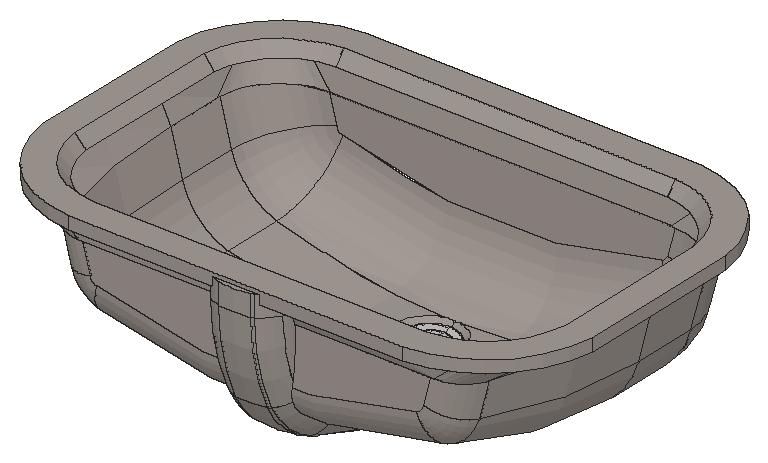
Revit family "Sink-Undermount-Lavatory-KOHLER-Ladena-K-36402PH", category Plumbing Fixtures, host Face, Revit 2022
Family settings
  Host = Face
  Round Connector Dimension = Use Diameter
  Part Type = Normal
  OmniClass Number = 23.31.13.00
  Cut with Voids When Loaded = No
  Maintain Annotation Orientation = No
  Shared = No
  Room Calculation Point = No
Parameters (values of type "TRF-Truffle")
  Width = 22.7874"  # constant formula
  WaterSense Certified = 1 = 0  # no
  Waste Water Outlet = "Waste Water Outlet"  # constant formula
  Waste Connection = 1 = 1  # yes
  Vent Connection = 1 = 0  # no
  URL = "https://www.kohler.ph/"
  Type = 3
  Product Page URL = ""
  Product Name = "Ladena"  # constant formula
  Product Documentation Link = ""
  Model = if(Type = 1, "K-36402PH-0", if(Type = 2, "K-36402PH-HB1", if(Type = 3, "K-36402PH-TRF", "NA")))  # "K-36402PH-TRF"
  Material = "Viterous China"  # constant formula
  Master Format 2014 Name = "Residential Lavatories and Sinks"  # constant formula
  Master Format 2014 = "22 41 16"  # constant formula
  Manufacturer Address = "Unit 3, 16th Floor IBP Tower, Jade Drive, Brgy. San Antonio, Pasig City 1600"  # constant formula
  Manufacturer = "Kohler Co."  # constant formula
  Length = 15.63386"  # constant formula
  Hot Water Inlet = "Hot Water Inlet"  # constant formula
  Height = 8.38189"  # constant formula
  HW Connection = 1 = 0  # no
  Finish = KOHLER-Vitreous_China-TRF-Truffle
  Environmental Product Declaration = ""
  Drain Included = 1 = 0  # no
  Description = "Refresh Under Counter Reactangular 530 mm"  # constant formula
  Default Elevation = 36"
  Declare Label = ""
  Date Modified = "03/24/2025"  # constant formula
  Date Created = "12/04/2024"  # constant formula
  Copyright = "Copyright Kohler Co."  # constant formula
  Contact Us = "https://www.kohler.ph/contact-us"
  Cold Water Inlet = "Cold Water Inlet"  # constant formula
  CW Connection = 1 = 0  # no
  Assembly Code = "D2010400"
  ADA Compliant = 1 = 0  # no
Types (4): name | Type | Model | Finish
  (no name) | 3 | "K-36402PH-TRF" | KOHLER-Vitreous_China-TRF-Truffle
  0-White | 1 | "K-36402PH-0" | Kohler-Vitreous_China-0-White
  HB1-Honed Black | 2 | "K-36402PH-HB1" | Kohler-Vitreous_China-HB1-Honed_Black
  TRF-Truffle | 3 | "K-36402PH-TRF" | KOHLER-Vitreous_China-TRF-Truffle
Reference planes (in)
  plane 1 "Center (Front/Back)": y = 0
  plane 2: z = 0
  plane 3 "Center (Left/Right)": x = 0
  plane 4: z = -1
  plane 5: z = -1.50787
  plane 6: z = -9.38189
  plane 7: y = -2.3563
  plane 8: y = -9.24016
  plane 9: y = 4.52756
  plane 10: x = -10.45866
  plane 11: x = 10.45866
  plane 12: x = -11.3937
  plane 13: x = 11.3937
  plane 14: y = 5.47244
  plane 15: y = -10.16142
Forms (in)
  Extrusion 1, void
    sketch origin (0, 0, 0) x (1, 0, 0) y (0, 1, 0)
      loop
        arc (6.69931, 5.50203) -> (0.00379, 5.70868) -> (-6.692, 5.51055) r 110.85857
        arc (-6.692, 5.51055) -> (-9.93699, 4.08756) -> (-11.48011, 0.89794) r 5.11811
        arc (-11.48011, 0.89794) -> (-11.63975, -2.35044) -> (-11.48711, -5.59916) r 33.87203
        arc (-11.48711, -5.59916) -> (-9.947, -8.79584) -> (-6.69822, -10.22274) r 5.11811
        arc (-6.69822, -10.22274) -> (0.00378, -10.42124) -> (6.70552, -10.21421) r 110.85857
        arc (6.70552, -10.21421) -> (9.95067, -8.78493) -> (11.48804, -5.58958) r 5.11811
        arc (11.48804, -5.58958) -> (11.63977, -2.35044) -> (11.48106, 0.88837) r 33.87203
        arc (11.48106, 0.88837) -> (9.94067, 4.07667) -> (6.69931, 5.50203) r 5.11811
    from -0.99659 to -1.50787
  Extrusion 2, void
    sketch origin (0, 0, 0) x (1, 0, 0) y (0, 0, 1)
      loop
        line (-10.86245, -1.50787) -> (-10.86245, -9.38189) -> (11.29666, -9.38189) -> (11.29666, -1.50787) -> (-10.86245, -1.50787)
    from -5.08654 to 10.35959
  Extrusion 3, void
    sketch origin (0, 0, 0) x (1, 0, 0) y (0, 1, 0)
      loop
        arc (-10.31133, -5.48716) -> (-9.12663, -7.94613) -> (-6.62757, -9.04375) r 3.93701
        arc (-6.62757, -9.04375) -> (0.00303, -9.24014) -> (6.63337, -9.03531) r 109.67747
        arc (6.63337, -9.03531) -> (9.12964, -7.93587) -> (10.31223, -5.47791) r 3.93701
        arc (10.31223, -5.47791) -> (10.45867, -2.35171) -> (10.3055, 0.77416) r 32.69093
        arc (10.3055, 0.77416) -> (9.12058, 3.2267) -> (6.62723, 4.32313) r 3.93701
        arc (6.62723, 4.32313) -> (0.00304, 4.52758) -> (-6.62141, 4.33156) r 109.67747
        arc (-6.62141, 4.33156) -> (-9.11756, 3.23695) -> (-10.30457, 0.7834) r 3.93701
        arc (-10.30457, 0.7834) -> (-10.45864, -2.35172) -> (-10.31133, -5.48716) r 32.69093
    from -1 to 1.68148
Dimensions and locks (in)
  level to plane 4 = 1"
  "Height": plane 4 to plane 6
  plane 10 to plane 11 = 20.91732"
  plane 8 to plane 9 = 13.76772"
  "Length": plane 15 to plane 14
  "Width": plane 12 to plane 13
  plane 4 to plane 5 = 0.50787"
  plane 1 "Center (Front/Back)" to plane 14 = 5.47244"
  plane 3 "Center (Left/Right)" to plane 13 = 11.3937"
  aligned and locked: plane 2 to host face
  aligned and locked: level to host face
  aligned and locked: plane 3 "Center (Left/Right)" to nested 1
  aligned and locked: plane 1 "Center (Front/Back)" to nested 1
  aligned and locked: plane 4 to Extrusion 1
  aligned and locked: Extrusion 2 to plane 6
  aligned and locked: plane 5 to Extrusion 2
  aligned and locked: Extrusion 3 to plane 4
Automatic sketch dimensions
  host sketch curve to host sketch curve = 96"  (x2)
  plane 7 to Extrusion 1 sketch curve = 0.03064"  (x2)
  plane 10 to Extrusion 1 sketch curve = 4.0666"
  Extrusion 1 sketch curve to plane 1 "Center (Front/Back)" = 0.40159"
  plane 10 to Extrusion 1 sketch curve = 4.07254"
  Extrusion 1 sketch curve to plane 3 "Center (Left/Right)" = 0.06675"  (x2)
  Extrusion 1 sketch curve to plane 1 "Center (Front/Back)" = 0.39346"
  plane 11 to Extrusion 1 sketch curve = 4.07172"
  plane 11 to Extrusion 1 sketch curve = 4.0658"
  plane 7 to Extrusion 1 sketch curve = 2.74936"
  plane 7 to Extrusion 1 sketch curve = 2.75749"
  Extrusion 1 sketch curve to Extrusion 1 sketch curve = 0"  (x7)
  Extrusion 2 sketch curve to plane 6 = 0"
  Extrusion 2 sketch curve to plane 5 = 0"
  Extrusion 2 sketch curve to plane 10 = 0.40379"
  plane 7 to Extrusion 3 sketch curve = 0.03064"  (x2)
  plane 7 to Extrusion 3 sketch curve = 2.75749"
  plane 10 to Extrusion 3 sketch curve = 4.0666"
  Extrusion 3 sketch curve to plane 1 "Center (Front/Back)" = 0.40159"
  plane 10 to Extrusion 3 sketch curve = 4.07254"
  Extrusion 3 sketch curve to plane 3 "Center (Left/Right)" = 0.06675"  (x2)
  Extrusion 3 sketch curve to plane 1 "Center (Front/Back)" = 0.39346"
  plane 11 to Extrusion 3 sketch curve = 4.07172"
  plane 11 to Extrusion 3 sketch curve = 4.0658"
  plane 7 to Extrusion 3 sketch curve = 2.74936"
  plane 10 to Extrusion 3 sketch curve = 0.14734"
  Extrusion 3 sketch curve to Extrusion 3 sketch curve = 0"  (x7)
  Extrusion 1 sketch curve to Extrusion 1 sketch curve = 94.92676"
  Extrusion 3 sketch curve to plane 9 = 95.90975"
  Extrusion 1 sketch curve to Extrusion 1 sketch curve = 94.92713"
  plane 8 to Extrusion 3 sketch curve = 95.90971"
  Extrusion 1 sketch curve to plane 10 = 11.77358"
  Extrusion 1 sketch curve to Extrusion 1 sketch curve = 100.03607"
  Extrusion 3 sketch curve to plane 10 = 11.77358"
  Extrusion 1 sketch curve to Extrusion 1 sketch curve = 10.74422"
  Extrusion 2 sketch curve to plane 11 = 0.838"
  Extrusion 3 sketch curve to plane 11 = 11.77361"
Nested families (in)
  nested 1: "K-36402PH" at (0, 0, 0), type "K-36402PH"
Connectors (in)
  piping at (0, 0, -9.38296), diameter 1.25, driven by "Waste Connection", driven by "Waste Water Outlet"
    settings: on nested 1, index 1, connector inside diameter 24", connector length 0", flow factor 0, pipe flow 0 GPM, pressure drop 0.00 psi, fitting loss kfactor 0, connector angle 0.00°, fixture units 0, engagement length 0", angle of deflection 0.00°, flow configuration 0, flow direction 2, fitting loss method 0, system type 16, joint type 0, gender type 0, connector reference index -1, connector utility 1, adjustable connector no, is connector primary yes, connector description "Waste Water Outlet"
Definition of nested family "K-36402PH"
  Parameters
    Material = none
    Default Elevation = 0"
  Reference planes (in)
    plane 1 "Center (Front/Back)": y = 0
    plane 2: z = 0
    plane 3 "Center (Left/Right)": x = 0
    plane 4: z = -1
    plane 5: x = -11.3937
    plane 6: y = 5.47244
    plane 7: y = -10.16142
    plane 8: x = -10.45866
    plane 9: x = 10.45866
    plane 10: y = -2.3563
    plane 11: y = 4.52756
    plane 12: y = -9.24016
    plane 13: z = -1.50787
    plane 14: z = 7.38189
    plane 15: z = -9.38189
    plane 16 "A": through (0, 1.9191, -7.11523) normal (0, 0.9816, -0.1908)
    plane 17: x = 11.3937
  Forms (in)
    Sweep 1, solid, material <- "Material", detail levels medium+fine
      path origin (0, 0, 0) x (1, 0, 0) y (0, 0, 1)
        loop
          line (10.35118, -1.50153) -> (9.57221, -4.40867)
          arc (9.57221, -4.40867) -> (8.77674, -5.82154) -> (7.39961, -6.67738) r 3.26429
          arc (7.39961, -6.67738) -> (0, -7.81491) -> (-7.39961, -6.67738) r 24.6358
          arc (-7.39961, -6.67738) -> (-8.77674, -5.82154) -> (-9.57221, -4.40867) r 3.26429
          line (-9.57221, -4.40867) -> (-10.35118, -1.50153)
      profile origin (0, 0, -7.81491) x (0, 0, -1) y (0, -1, 0)
        loop
          line (0, -1.3925) -> (0, 1.2766)
          arc (0, 1.2766) -> (-0.33302, 4.62674) -> (-1.31904, 7.84577) r 17.01763
          arc (-1.31904, 7.84577) -> (-1.92824, 8.58399) -> (-2.84442, 8.86101) r 1.65354
          line (-2.84442, 8.86101) -> (-2.97524, 8.86101) -> (-2.97524, 8.38883) -> (-2.5544, 8.38883)
          arc (-2.5544, 8.38883) -> (-1.76488, 8.12316) -> (-1.2966, 7.43423) r 1.30594
          arc (-1.2966, 7.43423) -> (-0.6647, 4.38419) -> (-0.45276, 1.2766) r 22.88834
          line (-0.45276, 1.2766) -> (-0.45276, -1.23529)
          arc (-0.45276, -1.23529) -> (-1.16769, -2.9613) -> (-2.8937, -3.67623) r 2.44094
          line (-2.8937, -3.67623) -> (-3.1967, -3.67623) -> (-3.1967, -4.14841) -> (-2.75591, -4.14841)
          arc (-2.75591, -4.14841) -> (-0.80719, -3.34122) -> (0, -1.3925) r 2.75591
    Extrusion 2, solid, material <- "Material", detail levels medium+fine
      sketch origin (0, 0, 0) x (1, 0, 0) y (0, 0, 1)
        loop
          line (7.47732, -0.73148) -> (-7.47732, -0.73148) -> (-6.69835, -3.63862)
          arc (-6.69835, -3.63862) -> (-6.62791, -3.76373) -> (-6.50596, -3.83952) r 0.28906
          arc (-6.50596, -3.83952) -> (0, -4.83968) -> (6.50596, -3.83952) r 21.66057
          arc (6.50596, -3.83952) -> (6.62791, -3.76373) -> (6.69835, -3.63862) r 0.28906
          line (6.69835, -3.63862) -> (7.47732, -0.73148)
      from -4.14841 to -3.67623
    Extrusion 3, solid, material <- "Material", detail levels medium+fine
      sketch origin (0, 0, 0) x (1, 0, 0) y (0, 0, 1)
        loop
          arc (-6.69835, -3.63862) -> (-6.62791, -3.76373) -> (-6.50596, -3.83952) r 0.28906
          arc (-6.50596, -3.83952) -> (0, -4.83968) -> (6.50596, -3.83952) r 21.66057
          arc (6.50596, -3.83952) -> (6.62791, -3.76373) -> (6.69835, -3.63862) r 0.28906
          line (6.69835, -3.63862) -> (7.47732, -0.73148) -> (-7.47732, -0.73148) -> (-6.69835, -3.63862)
      from 8.38883 to 8.86101
    Extrusion 4, void
      sketch origin (0, 0, 0) x (0, 1, 0) y (0, 0, 1)
        loop
          line (6.49332, -2.51542) -> (6.49332, 0.24049) -> (-11.61691, 0.24049) -> (-11.61691, -2.51542) -> (6.49332, -2.51542)
      from -12.17349 to 12.00727
    Sweep 5, solid, material <- "Material", detail levels medium+fine
      path origin (0, 0, 0) x (1, 0, 0) y (0, 1, 0)
        loop
          arc (-11.21201, 1.11103) -> (-11.39362, -2.30965) -> (-11.2288, -5.73118) r 33.87203
          arc (-11.2288, -5.73118) -> (-9.81344, -8.65042) -> (-6.84311, -9.95519) r 4.69558
          arc (-6.84311, -9.95519) -> (0.00548, -10.16246) -> (6.8538, -9.94626) r 110.85857
          arc (6.8538, -9.94626) -> (9.81769, -8.64073) -> (11.22933, -5.72588) r 4.69115
          arc (11.22933, -5.72588) -> (11.39363, -2.31281) -> (11.21321, 1.09944) r 33.87203
          arc (11.21321, 1.09944) -> (9.81101, 3.96939) -> (6.88662, 5.25418) r 4.64253
          arc (6.88662, 5.25418) -> (0.00265, 5.47244) -> (-6.8816, 5.2628) r 110.85857
          arc (-6.8816, 5.2628) -> (-9.80789, 3.98075) -> (-11.21201, 1.11103) r 4.64058
      profile origin (-11.39362, -2.30965, 0) x (0.999997, -0.002455, 0) y (0, 0, 1)
        loop
          line (1.1811, -0.99659) -> (0, -0.99659) -> (0, -1.50153) -> (1.5874, -1.50153)
          arc (1.5874, -1.50153) -> (1.39655, -1.23916) -> (1.1811, -0.99659) r 3.33292
    Blend 6, void
      base sketch origin (0, 0, 0) x (1, 0, 0) y (0, 1, 0)
        loop
          arc (-7.05172, 3.67623) -> (-8.86125, 2.9267) -> (-9.61078, 1.11718) r 2.55906
          line (-9.61078, 1.11718) -> (-9.61078, -1.27352)
          arc (-9.61078, -1.27352) -> (-9.39221, -4.3782) -> (-8.7408, -7.42164) r 22.15941
          arc (-8.7408, -7.42164) -> (-8.25934, -8.12005) -> (-7.45477, -8.38883) r 1.33858
          line (-7.45477, -8.38883) -> (7.54341, -8.38883)
          arc (7.54341, -8.38883) -> (8.27491, -8.14532) -> (8.71451, -7.51195) r 1.22047
          arc (8.71451, -7.51195) -> (9.38557, -4.42476) -> (9.61078, -1.27352) r 22.15941
          line (9.61078, -1.27352) -> (9.61078, 0.99907)
          arc (9.61078, 0.99907) -> (8.82665, 2.89211) -> (6.93361, 3.67623) r 2.67717
          line (6.93361, 3.67623) -> (-7.05172, 3.67623)
      top sketch origin (0, 0, 0) x (1, 0, 0) y (0, 1, 0)
        loop
          arc (7.99256, 3.82367) -> (0.00208, 4.12126) -> (-7.98877, 3.83374) r 109.27117
          arc (-7.98877, 3.83374) -> (-9.14005, 3.33152) -> (-9.7222, 2.21852) r 1.88976
          arc (-9.7222, 2.21852) -> (-9.92792, 0.44512) -> (-10.0353, -1.33695) r 32.28463
          arc (-10.0353, -1.33695) -> (-9.99538, -4.30447) -> (-9.68313, -7.2558) r 32.28463
          arc (-9.68313, -7.2558) -> (-9.2212, -8.12738) -> (-8.31714, -8.52197) r 1.49606
          arc (-8.31714, -8.52197) -> (0.00192, -8.83386) -> (8.32058, -8.51151) r 109.27117
          arc (8.32058, -8.51151) -> (9.22365, -8.11625) -> (9.68478, -7.24498) r 1.49606
          arc (9.68478, -7.24498) -> (9.99571, -4.29901) -> (10.0353, -1.33695) r 32.28463
          arc (10.0353, -1.33695) -> (9.92838, 0.43983) -> (9.72371, 2.20801) r 32.28463
          arc (9.72371, 2.20801) -> (9.14257, 3.3206) -> (7.99256, 3.82367) r 1.88976
      from -2.51542 to -1.50153
    Blend 7, solid, material <- "Material"
      base sketch origin (0.08027, 0, 0) x (1, 0, 0) y (0, 1, 0)
        loop
          arc (8.57814, -7.97204) -> (9.63458, -4.72105) -> (9.99923, -1.32222) r 16.5182
          line (9.99923, -1.32222) -> (9.99923, 1.31376)
          arc (9.99923, 1.31376) -> (9.16899, 3.31816) -> (7.16459, 4.14841) r 2.83465
          line (7.16459, 4.14841) -> (-7.32513, 4.14841)
          arc (-7.32513, 4.14841) -> (-9.32953, 3.31816) -> (-10.15978, 1.31376) r 2.83465
          line (-10.15978, 1.31376) -> (-10.15978, -1.32222)
          arc (-10.15978, -1.32222) -> (-9.79512, -4.72105) -> (-8.73868, -7.97204) r 16.5182
          arc (-8.73868, -7.97204) -> (-8.18679, -8.61923) -> (-7.37133, -8.86101) r 1.49606
          line (-7.37133, -8.86101) -> (7.21079, -8.86101)
          arc (7.21079, -8.86101) -> (8.02625, -8.61923) -> (8.57814, -7.97204) r 1.49606
      top sketch origin (0.08027, 0, 0) x (1, 0, 0) y (0, 1, 0)
        loop
          arc (8.00983, 4.27638) -> (0.00238, 4.57401) -> (-8.00544, 4.28647) r 109.72392
          arc (-8.00544, 4.28647) -> (-9.44521, 3.65838) -> (-10.17275, 2.26621) r 2.3622
          arc (-10.17275, 2.26621) -> (-10.37968, 0.47633) -> (-10.48781, -1.32222) r 32.73739
          arc (-10.48781, -1.32222) -> (-10.44783, -4.32305) -> (-10.13322, -7.30761) r 32.73739
          arc (-10.13322, -7.30761) -> (-9.52553, -8.45518) -> (-8.33542, -8.97463) r 1.9685
          arc (-8.33542, -8.97463) -> (0.00221, -9.28661) -> (8.33945, -8.96415) r 109.72392
          arc (8.33945, -8.96415) -> (9.52825, -8.44381) -> (10.13488, -7.29665) r 1.9685
          arc (10.13488, -7.29665) -> (10.44816, -4.31752) -> (10.48781, -1.32222) r 32.73739
          arc (10.48781, -1.32222) -> (10.38015, 0.47098) -> (10.17428, 2.25557) r 32.73739
          arc (10.17428, 2.25557) -> (9.448, 3.64723) -> (8.00983, 4.27638) r 2.3622
      from -2.51542 to -1.50153
    Sweep 8, solid, material <- "Material"
      path origin (0, 0, 0) x (0, 1, 0) y (0, 0, 1)
        loop
          arc (0.1399, -9.10944) -> (-3.627, -8.92534) -> (-7.24136, -7.84842) r 15.70301
          arc (-7.24136, -7.84842) -> (-8.49176, -7.02373) -> (-9.38816, -5.8237) r 4.34852
          arc (-9.38816, -5.8237) -> (-10.0663, -3.97372) -> (-10.29654, -2.01686) r 8.43103
          line (-10.29654, -2.01686) -> (-10.29654, -1.14798)
      profile origin (0, -10.29654, -1.58242) x (0, -1, 0) y (1, 0, 0)
        loop
          arc (-0.18346, -0.55598) -> (-0.14855, 0.08182) -> (-0.21003, 0.71761) r 4.23211
          arc (-0.21003, 0.71761) -> (-0.23029, 0.79112) -> (-0.26434, 0.85934) r 0.3937
          arc (-0.26434, 0.85934) -> (-0.56541, 1.20943) -> (-0.95668, 1.45462) r 1.54111
          arc (-0.95668, 1.45462) -> (-1.26511, 1.53449) -> (-1.58317, 1.51584) r 1.02536
          line (-1.58317, 1.51584) -> (-1.58317, -1.51584)
          arc (-1.58317, -1.51584) -> (-1.26511, -1.53449) -> (-0.95668, -1.45462) r 1.02536
          arc (-0.95668, -1.45462) -> (-0.65806, -1.28309) -> (-0.40498, -1.04954) r 1.54111
          arc (-0.40498, -1.04954) -> (-0.25798, -0.81903) -> (-0.18346, -0.55598) r 0.94071
    Revolve 9, void
      sketch origin (0, 0, 0) x (0, 1, 0) y (0, 0, 1)
        loop
          line (1.44636, -7.17063) -> (0, -7.17063) -> (0, -9.19284) -> (0.87658, -9.19284) -> (0.87658, -7.85865)
          arc (0.87658, -7.85865) -> (0.89831, -7.7494) -> (0.9602, -7.65679) r 0.28548
          line (0.9602, -7.65679) -> (1.44636, -7.17063)
        axis (0, -9.19284) -> (0, -7.17063)
      angle from 0 to 360
    Revolve 10, solid, detail levels medium+fine
      sketch origin (0, 0, 0) x (0, 1, 0) y (0, 0, 1)
        loop
          arc (0.00146, -7.49155) -> (-0.37845, -7.51712) -> (-0.75125, -7.59462) r 2.76678
          arc (-0.75125, -7.59462) -> (-0.76759, -7.61956) -> (-0.74511, -7.63915) r 0.02269
          line (-0.74511, -7.63915) -> (-0.25348, -7.63915) -> (-0.25348, -8.10224) -> (0.00146, -8.10224) -> (0.00146, -7.49155)
        axis (0.00146, -8.10224) -> (0.00146, -7.49155)
      angle from 0 to 360
    Revolve 11, solid, detail levels medium+fine
      sketch origin (0, 0, 0) x (0, 1, 0) y (0, 0, 1)
        loop
          arc (-0.75682, -8.24845) -> (-0.72219, -8.27625) -> (-0.69529, -8.24093) r 0.031
          line (-0.69529, -8.24093) -> (-0.7845, -7.63915)
          arc (-0.7845, -7.63915) -> (-0.89645, -7.55318) -> (-1.03264, -7.51607) r 0.36535
          arc (-1.03264, -7.51607) -> (-1.06307, -7.53846) -> (-1.04577, -7.57205) r 0.02912
          arc (-1.04577, -7.57205) -> (-0.94864, -7.61064) -> (-0.85067, -7.64705) r 4.68246
          arc (-0.85067, -7.64705) -> (-0.8226, -7.66739) -> (-0.80978, -7.6996) r 0.06218
          line (-0.80978, -7.6996) -> (-0.75682, -8.24845)
        axis (0.00146, -8.24845) -> (0.00146, -7.51607)
      angle from 0 to 360
    Revolve 12, solid, material <- "Material", detail levels medium+fine
      sketch origin (0, 0, 0) x (0, 1, 0) y (0, 0, 1)
        loop
          line (1.42746, -9.38296) -> (1.57551, -7.69075) -> (1.12692, -7.69075) -> (1.01667, -8.95085)
          arc (1.01667, -8.95085) -> (1.00439, -8.97575) -> (0.97851, -8.98582) r 0.03831
          line (0.97851, -8.98582) -> (0.92436, -8.98582)
          arc (0.92436, -8.98582) -> (0.89657, -8.99732) -> (0.88506, -9.02511) r 0.03929
          line (0.88506, -9.02511) -> (0.88506, -9.38296) -> (1.42746, -9.38296)
        axis (0, -9.38296) -> (0, -7.69075)
      angle from 0 to 360
    Extrusion 13, void
      sketch origin (0, 0, 0) x (0, 1, 0) y (0, 0, 1)
        loop
          line (-8.818, -2.61786) -> (-8.818, -4.87132)
          arc (-8.818, -4.87132) -> (-8.54153, -5.78668) -> (-7.80456, -6.39595) r 1.65354
          arc (-7.80456, -6.39595) -> (-6.03883, -7.03273) -> (-4.21708, -7.48505) r 18.2757
          line (-4.21708, -7.48505) -> (-4.21708, -0.99659) -> (-9.49861, -0.99659) -> (-8.818, -2.61786)
      from -2.31361 to 2.3162
    Sweep 14, solid, material <- "Material", detail levels coarse
      path origin (0, 0, 0) x (1, 0, 0) y (0, 0, 1)
        loop
          line (10.35118, -1.50153) -> (9.57221, -4.40867)
          arc (9.57221, -4.40867) -> (8.77674, -5.82154) -> (7.39961, -6.67738) r 3.26429
          arc (7.39961, -6.67738) -> (0, -7.81491) -> (-7.39961, -6.67738) r 24.6358
          arc (-7.39961, -6.67738) -> (-8.77674, -5.82154) -> (-9.57221, -4.40867) r 3.26429
          line (-9.57221, -4.40867) -> (-10.35118, -1.50153)
      profile origin (0, 0, -7.81491) x (0, 0, -1) y (0, -1, 0)
        loop
          line (0, -1.3925) -> (0, 1.2766)
          arc (0, 1.2766) -> (-0.33302, 4.62674) -> (-1.31904, 7.84577) r 17.01763
          arc (-1.31904, 7.84577) -> (-1.92824, 8.58399) -> (-2.84442, 8.86101) r 1.65354
          line (-2.84442, 8.86101) -> (-2.97524, 8.86101) -> (-2.97524, 8.38883) -> (-2.5544, 8.38883)
          arc (-2.5544, 8.38883) -> (-1.76488, 8.12316) -> (-1.2966, 7.43423) r 1.30594
          arc (-1.2966, 7.43423) -> (-0.6647, 4.38419) -> (-0.45276, 1.2766) r 22.88834
          line (-0.45276, 1.2766) -> (-0.45276, -1.23529)
          arc (-0.45276, -1.23529) -> (-1.16769, -2.9613) -> (-2.8937, -3.67623) r 2.44094
          line (-2.8937, -3.67623) -> (-3.1967, -3.67623) -> (-3.1967, -4.14841) -> (-2.75591, -4.14841)
          arc (-2.75591, -4.14841) -> (-0.80719, -3.34122) -> (0, -1.3925) r 2.75591
    Extrusion 15, solid, material <- "Material", detail levels coarse
      sketch origin (0, 0, 0) x (1, 0, 0) y (0, 0, 1)
        loop
          arc (-6.69835, -3.63862) -> (-6.62791, -3.76373) -> (-6.50596, -3.83952) r 0.28906
          arc (-6.50596, -3.83952) -> (0, -4.83968) -> (6.50596, -3.83952) r 21.66057
          arc (6.50596, -3.83952) -> (6.62791, -3.76373) -> (6.69835, -3.63862) r 0.28906
          line (6.69835, -3.63862) -> (6.99931, -2.51542) -> (-6.99931, -2.51542) -> (-6.69835, -3.63862)
      from 8.38883 to 8.86101
    Extrusion 16, solid, material <- "Material", detail levels coarse
      sketch origin (0, 0, 0) x (1, 0, 0) y (0, 0, 1)
        loop
          line (6.47485, -3.61711) -> (6.77004, -2.51542) -> (-6.77004, -2.51542) -> (-6.47485, -3.61711)
          arc (-6.47485, -3.61711) -> (0, -4.61822) -> (6.47485, -3.61711) r 21.43911
      from -4.14841 to -3.67623
    Extrusion 17, solid, material <- "Material", detail levels coarse
      sketch origin (0, 0, 0) x (1, 0, 0) y (0, 1, 0)
        loop
          arc (6.88662, 5.25418) -> (0.00265, 5.47244) -> (-6.8816, 5.2628) r 110.85857
          arc (-6.8816, 5.2628) -> (-9.80789, 3.98075) -> (-11.21201, 1.11103) r 4.64058
          arc (-11.21201, 1.11103) -> (-11.39362, -2.30965) -> (-11.2288, -5.73118) r 33.87203
          arc (-11.2288, -5.73118) -> (-9.81344, -8.65042) -> (-6.84311, -9.95519) r 4.69558
          arc (-6.84311, -9.95519) -> (0.00548, -10.16246) -> (6.8538, -9.94626) r 110.85857
          arc (6.8538, -9.94626) -> (9.81769, -8.64073) -> (11.22933, -5.72588) r 4.69115
          arc (11.22933, -5.72588) -> (11.39363, -2.31281) -> (11.21321, 1.09944) r 33.87203
          arc (11.21321, 1.09944) -> (9.81101, 3.96939) -> (6.88662, 5.25418) r 4.64253
        loop
          arc (6.76778, -8.571) -> (8.86107, -7.64894) -> (9.85806, -5.59028) r 3.3132
          arc (9.85806, -5.59028) -> (10.01568, -2.31607) -> (9.8426, 0.95737) r 32.49408
          arc (9.8426, 0.95737) -> (8.85659, 2.97549) -> (6.80019, 3.87894) r 3.26458
          arc (6.80019, 3.87894) -> (0.00178, 4.09449) -> (-6.79689, 3.88745) r 109.48062
          arc (-6.79689, 3.88745) -> (-8.85426, 2.98609) -> (-9.84145, 0.96849) r 3.26263
          arc (-9.84145, 0.96849) -> (-10.01567, -2.31303) -> (-9.85756, -5.59537) r 32.49408
          arc (-9.85756, -5.59537) -> (-8.85754, -7.65794) -> (-6.75888, -8.57981) r 3.31763
          arc (-6.75888, -8.57981) -> (0.00458, -8.78451) -> (6.76778, -8.571) r 109.48062
      from -1.50153 to -0.99659
    Revolve 18, solid, material <- "Material", detail levels coarse
      sketch origin (0, 0, 0) x (0, 1, 0) y (0, 0, 1)
        loop
          line (1.42746, -9.38296) -> (1.57551, -7.69075) -> (1.12692, -7.69075) -> (1.01667, -8.95085)
          arc (1.01667, -8.95085) -> (1.00439, -8.97575) -> (0.97851, -8.98582) r 0.03831
          line (0.97851, -8.98582) -> (0.92436, -8.98582)
          arc (0.92436, -8.98582) -> (0.89657, -8.99732) -> (0.88506, -9.02511) r 0.03929
          line (0.88506, -9.02511) -> (0.88506, -9.38296) -> (1.42746, -9.38296)
        axis (0, -9.38296) -> (0, -7.69075)
      angle from 0 to 360
    Extrusion 19, void
      sketch origin (0, 0, 0) x (1, 0, 0) y (0, 0, 1)
        loop
          circle (0, -2.09822) r 0.19685
      from 8.19135 to 9.84252
  Cuts and joins
    Extrusion 4, Revolve 9 cuts Sweep 1
    Extrusion 4 cuts Extrusion 2
    Extrusion 4 cuts Extrusion 3
    joined: Sweep 1, Extrusion 2, Extrusion 3
    Blend 6, Extrusion 19 cuts Blend 7
    Revolve 9, Extrusion 13 cuts Sweep 8
    Extrusion 4 cuts Sweep 14
    joined: Sweep 14, Extrusion 15, Extrusion 16
  Lines and regions (in)
    Masking region 1
      outline origin (0, 0, 0) x (0, 1, 0) y (0, 0, 1)
        loop
          arc (-10.13617, -1.43318) -> (-10.13042, -1.57395) -> (-10.12159, -1.71456) r 6.44366
          arc (-10.12159, -1.71456) -> (-10.06284, -2.39252) -> (-9.97491, -3.06731) r 15.78535
          arc (-9.97491, -3.06731) -> (-9.63946, -4.56863) -> (-9.04175, -5.9861) r 8.59497
          arc (-9.04175, -5.9861) -> (-8.14672, -7.1598) -> (-6.9232, -7.98541) r 4.5521
          arc (-6.9232, -7.98541) -> (-5.98973, -8.35156) -> (-5.0247, -8.6239) r 10.15964
          arc (-5.0247, -8.6239) -> (-3.30415, -8.96703) -> (-1.56175, -9.17209) r 22.01695
          arc (-1.56175, -9.17209) -> (-1.43835, -9.22851) -> (-1.38071, -9.35133) r 0.197
          line (-1.38071, -9.35133) -> (-1.37798, -9.38256) -> (1.37793, -9.38256) -> (1.5226, -7.72902)
          arc (1.5226, -7.72902) -> (1.5446, -7.68089) -> (1.59204, -7.65745) r 0.079
          arc (1.59204, -7.65745) -> (2.04344, -7.56396) -> (2.47191, -7.39391) r 2.65892
          arc (2.47191, -7.39391) -> (2.80714, -7.15663) -> (3.05611, -6.82999) r 1.3581
          arc (3.05611, -6.82999) -> (3.2526, -6.32856) -> (3.391, -5.80808) r 4.74413
          arc (3.391, -5.80808) -> (3.76334, -4.16077) -> (4.14218, -2.51494) r 427.62167
          arc (4.14218, -2.51494) -> (4.35764, -2.01544) -> (4.65593, -1.56054) r 3.14555
          arc (4.65593, -1.56054) -> (4.6995, -1.52354) -> (4.75403, -1.5064) r 0.14404
          line (4.75403, -1.5064) -> (5.44974, -1.43318) -> (5.47244, -1) -> (-10.16142, -1) -> (-10.13872, -1.43318)
    Masking region 2
      outline origin (0, 0, 0) x (1, 0, 0) y (0, 0, 1)
        loop
          line (1.37812, -9.38259) -> (1.5177, -7.78723)
          arc (1.5177, -7.78723) -> (1.54179, -7.73702) -> (1.59302, -7.71519) r 0.079
          arc (1.59302, -7.71519) -> (2.91115, -7.61705) -> (4.22045, -7.43587) r 20.92094
          arc (4.22045, -7.43587) -> (5.65503, -7.14597) -> (7.07118, -6.77638) r 26.18892
          arc (7.07118, -6.77638) -> (7.84687, -6.47085) -> (8.54912, -6.0215) r 4.30418
          arc (8.54912, -6.0215) -> (9.05888, -5.51641) -> (9.42406, -4.89866) r 2.80965
          arc (9.42406, -4.89866) -> (9.63302, -4.28768) -> (9.78929, -3.66114) r 7.58925
          arc (9.78929, -3.66114) -> (9.92328, -3.086) -> (10.07364, -2.51492) r 20.67423
          arc (10.07364, -2.51492) -> (10.29665, -2.00361) -> (10.6048, -1.53862) r 3.21054
          arc (10.6048, -1.53862) -> (10.62857, -1.51858) -> (10.65823, -1.50926) r 0.079
          line (10.65823, -1.50926) -> (11.371, -1.4332) -> (11.3937, -1) -> (-11.3937, -1) -> (-11.371, -1.4332) -> (-10.75284, -1.4822)
          arc (-10.75284, -1.4822) -> (-10.65186, -1.51213) -> (-10.57172, -1.58047) r 0.25382
          arc (-10.57172, -1.58047) -> (-10.28371, -2.027) -> (-10.0733, -2.51492) r 3.21054
          arc (-10.0733, -2.51492) -> (-9.92294, -3.086) -> (-9.78895, -3.66114) r 20.67423
          arc (-9.78895, -3.66114) -> (-9.63268, -4.28768) -> (-9.42372, -4.89866) r 7.58925
          arc (-9.42372, -4.89866) -> (-9.05854, -5.51641) -> (-8.54878, -6.0215) r 2.80965
          arc (-8.54878, -6.0215) -> (-7.84653, -6.47085) -> (-7.07084, -6.77638) r 4.30418
          arc (-7.07084, -6.77638) -> (-5.65469, -7.14597) -> (-4.22011, -7.43587) r 26.18892
          arc (-4.22011, -7.43587) -> (-2.91081, -7.61705) -> (-1.59268, -7.71519) r 20.92094
          arc (-1.59268, -7.71519) -> (-1.54145, -7.73702) -> (-1.51736, -7.78723) r 0.079
          line (-1.51736, -7.78723) -> (-1.37778, -9.38259) -> (1.37812, -9.38259)
    Masking region 3
      outline origin (0, 0, 0) x (1, 0, 0) y (0, 1, 0)
        loop
          arc (6.88664, 5.25525) -> (0.00267, 5.47351) -> (-6.88158, 5.26387) r 110.85857
          arc (-6.88158, 5.26387) -> (-9.80787, 3.98182) -> (-11.21199, 1.1121) r 4.64058
          arc (-11.21199, 1.1121) -> (-11.3936, -2.30858) -> (-11.22879, -5.73011) r 33.87203
          arc (-11.22879, -5.73011) -> (-9.81342, -8.64935) -> (-6.84309, -9.95412) r 4.69558
          arc (-6.84309, -9.95412) -> (0.0055, -10.16139) -> (6.85382, -9.94519) r 110.85857
          arc (6.85382, -9.94519) -> (9.81771, -8.63966) -> (11.22935, -5.72481) r 4.69115
          arc (11.22935, -5.72481) -> (11.39365, -2.31174) -> (11.21323, 1.10051) r 33.87203
          arc (11.21323, 1.10051) -> (9.81103, 3.97046) -> (6.88664, 5.25525) r 4.64253
    symbolic lines
      curve 1: arc (0.00017, 4.52754, 0) -> (-2.0014, 4.51071, 0) -> (-4.00283, 4.48141, 0) r 321.54906
      curve 2: arc (-4.00283, 4.48141, 0) -> (-5.40851, 4.41542, 0) -> (-6.80929, 4.28084, 0) r 28.80067
      curve 3: arc (-6.80929, 4.28084, 0) -> (-7.95175, 3.99394, 0) -> (-8.98679, 3.43159, 0) r 4.6932
      curve 4: arc (-8.98679, 3.43159, 0) -> (-9.74565, 2.53135, 0) -> (-10.16642, 1.43168, 0) r 3.53182
      curve 5: arc (-10.16642, 1.43168, 0) -> (-10.35857, 0.28129, 0) -> (-10.43643, -0.88243, 0) r 11.8235
      curve 6: arc (-10.43643, -0.88243, 0) -> (-10.45064, -1.61905, 0) -> (-10.45828, -2.35577, 0) r 82.56176
      curve 7: arc (-4.00283, -9.19296, 0) -> (-2.0014, -9.22225, 0) -> (0.00017, -9.23909, 0) r 321.54906
      curve 8: arc (-6.80929, -8.99239, 0) -> (-5.40851, -9.12697, 0) -> (-4.00283, -9.19296, 0) r 28.80067
      curve 9: arc (-8.98679, -8.14314, 0) -> (-7.95175, -8.70548, 0) -> (-6.80929, -8.99239, 0) r 4.6932
      curve 10: arc (-10.16642, -6.14323, 0) -> (-9.74565, -7.2429, 0) -> (-8.98679, -8.14314, 0) r 3.53182
      curve 11: arc (-10.43643, -3.82911, 0) -> (-10.35857, -4.99284, 0) -> (-10.16642, -6.14323, 0) r 11.8235
      curve 12: arc (-10.45828, -2.35577, 0) -> (-10.45064, -3.09249, 0) -> (-10.43643, -3.82911, 0) r 82.56176
      curve 19: arc (4.00317, 4.48141, 0) -> (2.00174, 4.51071, 0) -> (0.00017, 4.52754, 0) r 321.54906
      curve 20: arc (6.80963, 4.28084, 0) -> (5.40885, 4.41542, 0) -> (4.00317, 4.48141, 0) r 28.80067
      curve 21: arc (8.98713, 3.43159, 0) -> (7.95209, 3.99394, 0) -> (6.80963, 4.28084, 0) r 4.6932
      curve 22: arc (10.16676, 1.43168, 0) -> (9.74599, 2.53135, 0) -> (8.98713, 3.43159, 0) r 3.53182
      curve 23: arc (10.43677, -0.88243, 0) -> (10.35891, 0.28129, 0) -> (10.16676, 1.43168, 0) r 11.8235
      curve 24: arc (10.45862, -2.35577, 0) -> (10.45098, -1.61905, 0) -> (10.43677, -0.88243, 0) r 82.56176
      curve 25: arc (0.00017, -9.23909, 0) -> (2.00174, -9.22225, 0) -> (4.00317, -9.19296, 0) r 321.54906
      curve 26: arc (4.00317, -9.19296, 0) -> (5.40885, -9.12697, 0) -> (6.80963, -8.99239, 0) r 28.80067
      curve 27: arc (6.80963, -8.99239, 0) -> (7.95209, -8.70548, 0) -> (8.98713, -8.14314, 0) r 4.6932
      curve 28: arc (8.98713, -8.14314, 0) -> (9.74599, -7.2429, 0) -> (10.16676, -6.14323, 0) r 3.53182
      curve 29: arc (10.16676, -6.14323, 0) -> (10.35891, -4.99284, 0) -> (10.43677, -3.82911, 0) r 11.8235
      curve 30: arc (10.43677, -3.82911, 0) -> (10.45098, -3.09249, 0) -> (10.45862, -2.35577, 0) r 82.56176
      curve 37: circle (0.00017, -0.00002, 0) r 0.88583 normal (0, 0, 1)
    symbolic lines, detail levels medium+fine
      curve 13: arc (0.00017, -8.2427, 0) -> (-0.17476, -8.25214, 0) -> (-0.34866, -8.27323, 0) r 2.62568
      curve 14: arc (-0.34866, -8.27323, 0) -> (-0.40904, -8.28875, 0) -> (-0.46694, -8.31187, 0) r 0.48708
      curve 15: arc (-0.46694, -8.31187, 0) -> (-0.49017, -8.32698, 0) -> (-0.50784, -8.34832, 0) r 0.09203
      curve 16: arc (-0.50784, -8.34832, 0) -> (-0.50967, -8.37535, 0) -> (-0.49589, -8.39868, 0) r 0.04575
      curve 17: arc (-0.49589, -8.39868, 0) -> (-0.42693, -8.44747, 0) -> (-0.34889, -8.47981, 0) r 0.37956
      curve 18: arc (-0.34889, -8.47981, 0) -> (-0.17613, -8.51811, 0) -> (0.00017, -8.53327, 0) r 1.33784
      curve 31: arc (0.349, -8.27323, 0) -> (0.1751, -8.25214, 0) -> (0.00017, -8.2427, 0) r 2.62568
      curve 32: arc (0.46729, -8.31187, 0) -> (0.40938, -8.28875, 0) -> (0.349, -8.27323, 0) r 0.48708
      curve 33: arc (0.50818, -8.34832, 0) -> (0.49051, -8.32698, 0) -> (0.46729, -8.31187, 0) r 0.09203
      curve 34: arc (0.49624, -8.39868, 0) -> (0.51001, -8.37535, 0) -> (0.50818, -8.34832, 0) r 0.04575
      curve 35: arc (0.34923, -8.47981, 0) -> (0.42727, -8.44747, 0) -> (0.49624, -8.39868, 0) r 0.37956
      curve 36: arc (0.00017, -8.53327, 0) -> (0.17647, -8.51811, 0) -> (0.34923, -8.47981, 0) r 1.33784
      curve 38: circle (0.00017, -0.00002, 0) r 1.2895 normal (0, 0, 1)
      curve 39: arc (0, -8.84616, -2.51471) -> (0, -9.06892, -2.00375) -> (0, -9.37619, -1.53869) r 3.23058
      curve 40: arc (0, -9.37619, -1.53869) -> (0, -9.40095, -1.51806) -> (0, -9.43189, -1.50904) r 0.07892
      curve 41: arc (0, -8.57172, -3.65106) -> (0, -8.69791, -3.08022) -> (0, -8.84616, -2.51471) r 15.06839
      curve 42: arc (0, -8.57172, -3.65106) -> (0, -8.3749, -4.54779) -> (0, -8.11385, -5.42795) r 12.70522
      curve 43: arc (0, -8.11385, -5.42795) -> (0, -7.95745, -5.75426) -> (0, -7.75387, -6.05342) r 2.40561
      curve 44: arc (0, -7.75387, -6.05342) -> (0, -7.10918, -6.59499) -> (0, -6.33863, -6.93437) r 2.97673
      curve 45: arc (0, -6.33863, -6.93437) -> (0, -5.4982, -7.16378) -> (0, -4.64447, -7.33728) r 13.20755
      curve 46: arc (0, -4.64447, -7.33728) -> (0, -2.79512, -7.58938) -> (0, -0.9327, -7.71194) r 26.75444
      curve 47: arc (0, -0.9327, -7.71194) -> (0, -0.30187, -7.71437) -> (0, 0.32896, -7.71475) r 193.80682
      curve 48: arc (0, 0.32896, -7.71475) -> (0, 0.96129, -7.7035) -> (0, 1.59204, -7.65745) r 11.48065
      curve 49: arc (0, -1.01374, -7.78903) -> (0, -0.99674, -7.90884) -> (0, -0.97941, -8.02861) r 45.72372
      curve 50: arc (0, -1.01431, -8.42732) -> (0, -0.9736, -8.23) -> (0, -0.97941, -8.02861) r 0.86931
      curve 51: arc (0, -1.56175, -9.17209) -> (0, -1.24666, -8.83011) -> (0, -1.01431, -8.42732) r 2.10592
      curve 52: line (0, -10.13617, -1.43318) -> (0, 5.44974, -1.43318)
      curve 53: line (0, -10.13617, -1.43318) -> (0, -9.43189, -1.50904)
      curve 54: line (0, -9.43189, -1.50904) -> (0, 4.72895, -1.50904)
      curve 55: line (0, -1.01374, -7.78903) -> (0, -1.01374, -7.70932)
      curve 56: arc (-1.5164, 0, -1.70488) -> (-1.52311, 0, -2.2203) -> (-1.52055, 0, -2.73576) r 28.66119
      curve 57: arc (-1.5164, 0, -1.70488) -> (-1.57099, 0, -1.56668) -> (-1.70795, 0, -1.50906) r 0.1916
      curve 58: arc (-1.52055, 0, -2.73576) -> (-1.50914, 0, -4.09321) -> (-1.48638, 0, -5.45052) r 162.39483
      curve 59: arc (-1.48638, 0, -5.45052) -> (-1.45424, 0, -6.3534) -> (-1.38379, 0, -7.25411) r 21.27333
      curve 60: arc (-1.38379, 0, -7.25411) -> (-1.32668, 0, -7.67471) -> (-1.24099, 0, -8.09044) r 6.21324
      curve 61: arc (-1.24099, 0, -8.09044) -> (-1.12733, 0, -8.42884) -> (-0.95181, 0, -8.73969) r 1.88172
      curve 62: arc (-0.95181, 0, -8.73969) -> (-0.72625, 0, -8.95518) -> (-0.44976, 0, -9.09966) r 1.11362
      curve 63: arc (-0.44976, 0, -9.09966) -> (-0.22766, 0, -9.15371) -> (0.00017, 0, -9.17222) r 1.45134
      curve 64: arc (-0.34673, 0, -1.60383) -> (-0.63122, 0, -1.50029) -> (-0.92645, 0, -1.4332) r 2.41185
      curve 65: arc (-0.34673, 0, -1.60383) -> (-0.34386, 0, -4.21386) -> (-0.30232, 0, -6.82356) r 176.08581
      curve 66: arc (-0.30232, 0, -6.82356) -> (-0.25909, 0, -7.75615) -> (-0.16347, 0, -8.68483) r 16.59016
      curve 67: arc (-0.16347, 0, -8.68483) -> (-0.11104, 0, -8.93191) -> (-0.03199, 0, -9.17179) r 2.31306
      curve 68: arc (-1.1425, 0, -1.4332) -> (-1.42391, 0, -1.45963) -> (-1.70241, 0, -1.50787) r 3.62874
      curve 69: arc (1.52089, 0, -2.73576) -> (1.52345, 0, -2.2203) -> (1.51674, 0, -1.70488) r 28.66119
      curve 70: arc (1.70829, 0, -1.50906) -> (1.57133, 0, -1.56668) -> (1.51674, 0, -1.70488) r 0.1916
      curve 71: arc (1.48672, 0, -5.45052) -> (1.50948, 0, -4.09321) -> (1.52089, 0, -2.73576) r 162.39483
      curve 72: arc (1.38413, 0, -7.25411) -> (1.45458, 0, -6.3534) -> (1.48672, 0, -5.45052) r 21.27333
      curve 73: arc (1.24133, 0, -8.09044) -> (1.32702, 0, -7.67471) -> (1.38413, 0, -7.25411) r 6.21324
      curve 74: arc (0.95215, 0, -8.73969) -> (1.12767, 0, -8.42884) -> (1.24133, 0, -8.09044) r 1.88172
      curve 75: arc (0.4501, 0, -9.09966) -> (0.72659, 0, -8.95518) -> (0.95215, 0, -8.73969) r 1.11362
      curve 76: arc (0.00017, 0, -9.17222) -> (0.228, 0, -9.15371) -> (0.4501, 0, -9.09966) r 1.45134
      curve 77: arc (0.92679, 0, -1.4332) -> (0.63156, 0, -1.50029) -> (0.34707, 0, -1.60383) r 2.41185
      curve 78: arc (0.30266, 0, -6.82356) -> (0.34421, 0, -4.21386) -> (0.34707, 0, -1.60383) r 176.08581
      curve 79: arc (0.16381, 0, -8.68483) -> (0.25943, 0, -7.75615) -> (0.30266, 0, -6.82356) r 16.59016
      curve 80: arc (0.03233, 0, -9.17179) -> (0.11138, 0, -8.93191) -> (0.16381, 0, -8.68483) r 2.31306
      curve 81: arc (1.70275, 0, -1.50787) -> (1.42425, 0, -1.45963) -> (1.14284, 0, -1.4332) r 3.62874
      curve 82: line (11.371, 0, -1.4332) -> (-11.371, 0, -1.4332)
      curve 83: line (1.70275, 0, -1.50787) -> (10.66037, 0, -1.50787)
      curve 84: line (-10.67503, 0, -1.50787) -> (-1.70241, 0, -1.50787)
      curve 85: line (-1.59268, 0, -7.71519) -> (-1.31963, 0, -7.71519)
      curve 86: line (1.31997, 0, -7.71519) -> (1.59302, 0, -7.71519)
  Dimensions and locks (in)
    plane 4 to level = 1"
    plane 6 to plane 7 = 15.63386"
    plane 6 to plane 1 "Center (Front/Back)" = 5.47244"
    plane 8 to plane 9 = 20.91732"  (x2)
    plane 11 to plane 12 = 13.76772"
    plane 15 to plane 4 = 8.38189"
    plane 13 to plane 4 = 0.50787"
    plane 5 to plane 3 "Center (Left/Right)" = 11.3937"
    plane 5 to plane 17 = 22.7874"
    aligned and locked: plane 2 to level
